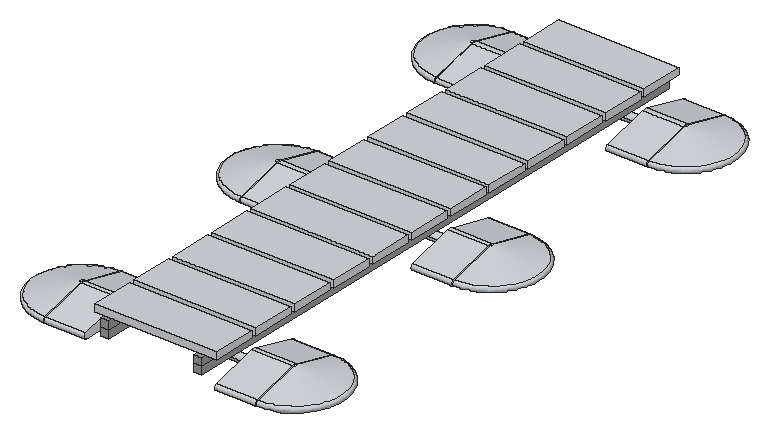
Revit family "Kee_Safety_KWM19_3M_FREE_STANDING_MODULE_75MPH", category Generic Models, host Face, Revit 2024
Family settings
  Host = Face
  Can host rebar = No
  Round Connector Dimension = Use Diameter
  Part Type = Normal
  Cut with Voids When Loaded = No
  Maintain Annotation Orientation = No
  Shared = No
  Room Calculation Point = No
Parameters
  Shipping Weight kg = "128"
  Product Range = "KeeWalk"
  Product Model Number = "WW719ASSY"
  Product Literature = "https://keesafety.co.uk/images/uploads/uk/documents/Kee_Walk_Brochure_1.pdf"
  Product Group = "KeeWalk"
  Product Family = "KeeWalk"
  Width = 1590 mm
  Overall Width = 620 mm
  Overall Length = 2983 mm
  Overall Height = 167 mm
  Material = Aluminum
  Manufacturer Website = "www.keesafety.co.uk"
  Manufacturer Country = "United Kingdom"
  Manufacturer = "Kee Safety"
  Location of Manufacturer = "Cradley Heath"
  Gross Weight kg = "128"
  Finish = "Annodized Aluminium"
  Features = "Modular Rooftop walkway to EN 516"
  Design Country = "United Kingdom"
  Description = "Kee Walk® System provides a safe, anti-slip, level walking surface for means of access to and across roofs. It provides a\r\ndemarcation route which protects the roof membrane from unnecessary foot traffic and potential damage. Pre-assembled\r\nin 3m unit."
  Default Elevation = 1219.2 mm
  Coverage Area = 3000.00 m²
  Colour = "Tread Black"
  CE Approval = yes
  Assembly Code = "KWM19"
  Annually = "Periodic inspections by a competent person are recommended by the manufacturer. In\r\nUK/Europe these are required under Regulation 5 of the Workplace (Health, Safety &\r\nWelfare) Regulations, the Work at Height Regulations and BS EN 365. The frequency will\r\ndepend upon the environment, location and usage but should be at least every 12 months.\r\nWalk and visually inspect the complete installed system in relation to the clients’ general\r\nneeds. Establish if any modifications and/or additional products are required to reflect\r\nany refurbishment requirements or additional plant & equipment which have been installed\r\nand require access.\r\nCheck installation configuration is complete as per the original installation drawing/plan.\r\nEnsure the system has not been modified or tampered with by unauthorised persons.\r\nCheck all Kee Walk are in place as per the original drawing. This is essential for longevity of\r\nthe roof.\r\nCheck all fixings are in place and correctly torqued.\r\nAny galvanised components showing signs of corrosion should be wire brushed thoroughly\r\nand galvanised spray/paint applied as appropriate. If rusted significantly, take digital\r\nphotographs and include these in the inspection report. All component and assembled\r\nparts should be kept clean, using detergent if necessary, by wiping down with a wet cloth\r\nor hosing with clean water, after which they should be wiped down with a dry cloth.\r\nWhere toe-boards are fitted check the brackets that support the toe-board are in place and\r\nsufficiently torqued.\r\nWhere applicable check fixings to walls/structures including cat ladder clamps are in place\r\nand sufficiently torqued.\r\nIf the Kee Walk becomes damaged in any, please arrange for inspection and any necessary\r\nrepair or component replacement.."
  Angle [instance] = 0.00°
Reference planes
  plane 1 "Center (Front/Back)": y = 0
  plane 2: z = 0
  plane 3 "Center (Left/Right)": x = 0
  plane 4: z = 81
  plane 5 "1": z = 75.213
  plane 6 "2": z = 73.792
  plane 7 "3": z = 57.713
  plane 8 "5": z = 41.568
  plane 9 "4": z = 56.945
  plane 10 "6": z = 40.402
Dimensions and locks
  level to plane 4 = 81 mm
  aligned and locked: plane 2 to host face
  aligned and locked: level to host face
  aligned and locked: plane 1 "Center (Front/Back)" to nested 1
Nested families
  nested 1: "KWM19 3M FREE STANDING MODULE 75MPH" at (-17.5, 0, 0), type "KWM19 3M FREE STANDING MODULE 75MPH"
Definition of nested family "KWM19 3M FREE STANDING MODULE 75MPH"
  Parameters (values of type "KWM19 3M FREE STANDING MODULE 75MPH")
    step length = 1040 mm
    part = yes
    full steps pitch = 2004 mm
    Step Material = none
    Step Angle = 0.00°
    Step Brck position = (step length / 2)  # 520 mm
    Railing Material = none
    Overall Length = 3000 mm
    Default Elevation = 1219.2 mm
    Base Material = none
  Reference planes
    plane 1 "Center (Front/Back)": y = 0
    plane 2: z = 0
    plane 3 "Center (Left/Right)": x = -67.5
    plane 4: y = 1500
    plane 5: y = -1500
    plane 6: z = 82.4
    plane 7: x = 552.5
    plane 8: x = -15
    plane 9: z = 42.4
    plane 10: x = 25
    plane 11: x = 242.5
    plane 12: y = -1260
    plane 13: y = 1250
    plane 14: y = -20
    plane 15: y = 20
    plane 16: x = 500
    plane 17: x = 460
    plane 18: y = -504
    plane 19: z = 21.2
    plane 20: x = -92.5
    plane 21: x = 577.5
    plane 22: z = 85
    plane 23: y = 1000
    plane 24: x = -302.5
    plane 25: x = -552.67
    plane 26: x = 1037.67
  Forms (mm)
    Extrusion 1, solid, not visible, detail levels fine
      sketch origin (84, 481.056, 0) x (1, 0, 0) y (0, 1, 0)
        loop
          line (-954, 1018.944) -> (-954, -2042.709) -> (1123.899, -2042.709) -> (1123.899, 1018.944) -> (-954, 1018.944)
      from 0 to -100
    Extrusion 2, solid, material <- "Base Material", detail levels fine
      sketch origin (145, 130, 0) x (1, 0, 0) y (0, 1, 0)
        loop
          line (-160, 1370) -> (-160, -1630) -> (-120, -1630) -> (-120, 1370) -> (-160, 1370)
      from 42.4 to 82.4
    Extrusion 3, solid, material <- "Base Material", detail levels fine
      sketch origin (340, 130, 0) x (-1, 0, 0) y (0, -1, 0)
        loop
          line (-160, -1370) -> (-120, -1370) -> (-120, 1630) -> (-160, 1630) -> (-160, -1370)
      from 42.4 to 82.4
    Extrusion 4, solid, detail levels fine
      sketch origin (-67.5, 0, 70) x (0, 1, 0) y (0, 0, 1)
        loop
          line (1500, 52.4) -> (1500, 87.4) -> (1275, 87.4) -> (1275, 52.4) -> (1500, 52.4)
      from 0 to 620
    Extrusion 5, solid, material <- "Railing Material", detail levels fine
      sketch origin (-70, -55.625, 88.905) x (0, 1, 0) y (0, 0, 1)
        loop
          line (1555.625, -6.505) -> (1555.625, 33.495) -> (-1444.375, 33.495) -> (-1444.375, -6.505) -> (1555.625, -6.505)
      from 55 to 95
    Extrusion 6, solid, detail levels medium
      sketch origin (0, 0, 0) x (1, 0, 0) y (0, 0, 1)
        loop
          line (-92.5, 0) -> (577.5, 0) -> (577.5, 42.4) -> (500, 42.4) -> (500, 122.4) -> (552.5, 122.4) -> (552.5, 157.4) -> (-67.5, 157.4) -> (-67.5, 122.4) -> (-15, 122.4) -> (-15, 42.4) -> (-92.5, 42.4) -> (-92.5, 0)
      from -1500 to 1500
    Extrusion 7, solid, detail levels coarse
      sketch origin (0, 0, 0) x (1, 0, 0) y (0, 0, 1)
        loop
          line (-552.67, 0) -> (1037.67, 0) -> (1037.67, 85) -> (552.5, 85) -> (552.5, 157.4) -> (-67.5, 157.4) -> (-67.5, 85) -> (-552.67, 85) -> (-552.67, 0)
      from -1500 to 1510.538
    Extrusion 8, solid, detail levels fine
      sketch origin (-70, 263.081, -74.315) x (0, 1, 0) y (0, 0, 1)
        loop
          circle (986.919, 95.515) r 21.2
        loop
          circle (-263.081, 95.515) r 21.2
        loop
          circle (-1523.081, 95.515) r 21.2
      from -22.5 to 647.5
    Extrusion 9, solid, detail levels fine
      sketch origin (162.5, -2.779, 0) x (0, 1, 0) y (0, 0, 1)
        loop
          arc (1489.027, 0) -> (1502.495, 11.913) -> (1492.314, 26.734) r 13.569
          line (1492.314, 26.734) -> (1265.501, 83.37)
          arc (1265.501, 83.37) -> (1252.418, 84.979) -> (1239.336, 83.37) r 54
          line (1239.336, 83.37) -> (1012.523, 26.734)
          arc (1012.523, 26.734) -> (1002.342, 11.913) -> (1015.81, 0) r 13.569
          line (1015.81, 0) -> (1250, 0) -> (1489.027, 0)
      from -255 to -465
    Revolve 10, solid, detail levels fine
      sketch origin (-302.5, 0, 0) x (0, 1, 0) y (0, 0, 1)
        loop
          arc (1486.609, 0) -> (1500.076, 11.913) -> (1489.896, 26.734) r 13.569
          line (1489.896, 26.734) -> (1263.082, 83.37)
          arc (1263.082, 83.37) -> (1256.59, 84.575) -> (1250, 84.979) r 54
          line (1250, 84.979) -> (1250, 0) -> (1486.609, 0)
        axis (1250, 84.979) -> (1250, 0)
      angle from 0 to 180
    Extrusion 11, solid, detail levels fine
      sketch origin (322.5, -2.779, 0) x (0, 1, 0) y (0, 0, -1)
        loop
          line (1489.027, 0) -> (1250, 0) -> (1015.81, 0)
          arc (1015.81, 0) -> (1002.342, -11.913) -> (1012.523, -26.734) r 13.569
          line (1012.523, -26.734) -> (1239.336, -83.37)
          arc (1239.336, -83.37) -> (1252.418, -84.979) -> (1265.501, -83.37) r 54
          line (1265.501, -83.37) -> (1492.314, -26.734)
          arc (1492.314, -26.734) -> (1502.495, -11.913) -> (1489.027, 0) r 13.569
      from -255 to -465
    Revolve 12, solid, detail levels fine
      sketch origin (787.5, 0, 0) x (0, 1, 0) y (0, 0, -1)
        loop
          line (1486.609, 0) -> (1250, 0) -> (1250, -84.979)
          arc (1250, -84.979) -> (1256.59, -84.575) -> (1263.082, -83.37) r 54
          line (1263.082, -83.37) -> (1489.896, -26.734)
          arc (1489.896, -26.734) -> (1500.076, -11.913) -> (1486.609, 0) r 13.569
        axis (1250, -84.979) -> (1250, 0)
      angle from 0 to 180
    Extrusion 13, solid, detail levels medium
      sketch origin (0, 0, 0) x (1, 0, 0) y (0, 1, 0)
        loop
          line (-92.5, 1500) -> (-552.67, 1500) -> (-552.67, 1000) -> (-92.5, 1000) -> (-92.5, 1500)
        loop
          line (1037.67, 1500) -> (577.5, 1500) -> (577.5, 999.462) -> (1037.67, 999.462) -> (1037.67, 1500)
      from 0 to 85
    Extrusion 14, solid, material <- "Railing Material", detail levels fine
      sketch origin (555, -55.625, 88.905) x (0, 1, 0) y (0, 0, -1)
        loop
          line (1555.625, 6.505) -> (-1444.375, 6.505) -> (-1444.375, -33.495) -> (1555.625, -33.495) -> (1555.625, 6.505)
      from 55 to 95
    Extrusion 15, solid, detail levels medium
      sketch origin (0, -1250, 0) x (1, 0, 0) y (0, 1, 0)
        loop
          line (-92.5, 1500) -> (-552.67, 1500) -> (-552.67, 1000) -> (-92.5, 1000) -> (-92.5, 1500)
        loop
          line (1037.67, 1500) -> (577.5, 1500) -> (577.5, 999.462) -> (1037.67, 999.462) -> (1037.67, 1500)
      from 0 to 85
    Extrusion 16, solid, detail levels fine
      sketch origin (162.5, -1252.779, 0) x (0, 1, 0) y (0, 0, 1)
        loop
          arc (1489.027, 0) -> (1502.495, 11.913) -> (1492.314, 26.734) r 13.569
          line (1492.314, 26.734) -> (1265.501, 83.37)
          arc (1265.501, 83.37) -> (1252.418, 84.979) -> (1239.336, 83.37) r 54
          line (1239.336, 83.37) -> (1012.523, 26.734)
          arc (1012.523, 26.734) -> (1002.342, 11.913) -> (1015.81, 0) r 13.569
          line (1015.81, 0) -> (1250, 0) -> (1489.027, 0)
      from -255 to -465
    Revolve 17, solid, detail levels fine
      sketch origin (-302.5, -1250, 0) x (0, 1, 0) y (0, 0, 1)
        loop
          arc (1486.609, 0) -> (1500.076, 11.913) -> (1489.896, 26.734) r 13.569
          line (1489.896, 26.734) -> (1263.082, 83.37)
          arc (1263.082, 83.37) -> (1256.59, 84.575) -> (1250, 84.979) r 54
          line (1250, 84.979) -> (1250, 0) -> (1486.609, 0)
        axis (1250, 84.979) -> (1250, 0)
      angle from 0 to 180
    Extrusion 18, solid, detail levels fine
      sketch origin (322.5, -1252.779, 0) x (0, 1, 0) y (0, 0, -1)
        loop
          line (1489.027, 0) -> (1250, 0) -> (1015.81, 0)
          arc (1015.81, 0) -> (1002.342, -11.913) -> (1012.523, -26.734) r 13.569
          line (1012.523, -26.734) -> (1239.336, -83.37)
          arc (1239.336, -83.37) -> (1252.418, -84.979) -> (1265.501, -83.37) r 54
          line (1265.501, -83.37) -> (1492.314, -26.734)
          arc (1492.314, -26.734) -> (1502.495, -11.913) -> (1489.027, 0) r 13.569
      from -255 to -465
    Revolve 19, solid, detail levels fine
      sketch origin (787.5, -1250, 0) x (0, 1, 0) y (0, 0, -1)
        loop
          line (1486.609, 0) -> (1250, 0) -> (1250, -84.979)
          arc (1250, -84.979) -> (1256.59, -84.575) -> (1263.082, -83.37) r 54
          line (1263.082, -83.37) -> (1489.896, -26.734)
          arc (1489.896, -26.734) -> (1500.076, -11.913) -> (1486.609, 0) r 13.569
        axis (1250, -84.979) -> (1250, 0)
      angle from 0 to 180
    Extrusion 20, solid, detail levels fine
      sketch origin (-67.5, -250, 70) x (0, 1, 0) y (0, 0, 1)
        loop
          line (1500, 52.4) -> (1500, 87.4) -> (1275, 87.4) -> (1275, 52.4) -> (1500, 52.4)
      from 0 to 625
    Extrusion 21, solid, detail levels medium
      sketch origin (0, -2510, 0) x (1, 0, 0) y (0, 1, 0)
        loop
          line (-92.5, 1500) -> (-552.67, 1500) -> (-552.67, 1000) -> (-92.5, 1000) -> (-92.5, 1500)
        loop
          line (1037.67, 1500) -> (577.5, 1500) -> (577.5, 999.462) -> (1037.67, 999.462) -> (1037.67, 1500)
      from 0 to 85
    Extrusion 22, solid, detail levels fine
      sketch origin (162.5, -2512.779, 0) x (0, 1, 0) y (0, 0, 1)
        loop
          arc (1489.027, 0) -> (1502.495, 11.913) -> (1492.314, 26.734) r 13.569
          line (1492.314, 26.734) -> (1265.501, 83.37)
          arc (1265.501, 83.37) -> (1252.418, 84.979) -> (1239.336, 83.37) r 54
          line (1239.336, 83.37) -> (1012.523, 26.734)
          arc (1012.523, 26.734) -> (1002.342, 11.913) -> (1015.81, 0) r 13.569
          line (1015.81, 0) -> (1250, 0) -> (1489.027, 0)
      from -255 to -465
    Revolve 23, solid, detail levels fine
      sketch origin (-302.5, -2510, 0) x (0, 1, 0) y (0, 0, 1)
        loop
          arc (1486.609, 0) -> (1500.076, 11.913) -> (1489.896, 26.734) r 13.569
          line (1489.896, 26.734) -> (1263.082, 83.37)
          arc (1263.082, 83.37) -> (1256.59, 84.575) -> (1250, 84.979) r 54
          line (1250, 84.979) -> (1250, 0) -> (1486.609, 0)
        axis (1250, 84.979) -> (1250, 0)
      angle from 0 to 180
    Extrusion 24, solid, detail levels fine
      sketch origin (322.5, -2512.779, 0) x (0, 1, 0) y (0, 0, -1)
        loop
          line (1489.027, 0) -> (1250, 0) -> (1015.81, 0)
          arc (1015.81, 0) -> (1002.342, -11.913) -> (1012.523, -26.734) r 13.569
          line (1012.523, -26.734) -> (1239.336, -83.37)
          arc (1239.336, -83.37) -> (1252.418, -84.979) -> (1265.501, -83.37) r 54
          line (1265.501, -83.37) -> (1492.314, -26.734)
          arc (1492.314, -26.734) -> (1502.495, -11.913) -> (1489.027, 0) r 13.569
      from -255 to -465
    Revolve 25, solid, detail levels fine
      sketch origin (787.5, -2510, 0) x (0, 1, 0) y (0, 0, -1)
        loop
          line (1486.609, 0) -> (1250, 0) -> (1250, -84.979)
          arc (1250, -84.979) -> (1256.59, -84.575) -> (1263.082, -83.37) r 54
          line (1263.082, -83.37) -> (1489.896, -26.734)
          arc (1489.896, -26.734) -> (1500.076, -11.913) -> (1486.609, 0) r 13.569
        axis (1250, -84.979) -> (1250, 0)
      angle from 0 to 180
    Extrusion 26, solid, detail levels fine
      sketch origin (-67.5, -500, 70) x (0, 1, 0) y (0, 0, 1)
        loop
          line (1500, 52.4) -> (1500, 87.4) -> (1275, 87.4) -> (1275, 52.4) -> (1500, 52.4)
      from 0 to 625
    Extrusion 27, solid, detail levels fine
      sketch origin (-67.5, -750, 70) x (0, 1, 0) y (0, 0, 1)
        loop
          line (1500, 52.4) -> (1500, 87.4) -> (1275, 87.4) -> (1275, 52.4) -> (1500, 52.4)
      from 0 to 625
    Extrusion 28, solid, detail levels fine
      sketch origin (-67.5, -1000, 70) x (0, 1, 0) y (0, 0, 1)
        loop
          line (1500, 52.4) -> (1500, 87.4) -> (1275, 87.4) -> (1275, 52.4) -> (1500, 52.4)
      from 0 to 625
    Extrusion 29, solid, detail levels fine
      sketch origin (-67.5, -1250, 70) x (0, 1, 0) y (0, 0, 1)
        loop
          line (1500, 52.4) -> (1500, 87.4) -> (1275, 87.4) -> (1275, 52.4) -> (1500, 52.4)
      from 0 to 625
    Extrusion 30, solid, detail levels fine
      sketch origin (-67.5, -1500, 70) x (0, 1, 0) y (0, 0, 1)
        loop
          line (1500, 52.4) -> (1500, 87.4) -> (1275, 87.4) -> (1275, 52.4) -> (1500, 52.4)
      from 0 to 625
    Extrusion 31, solid, detail levels fine
      sketch origin (-67.5, -1750, 70) x (0, 1, 0) y (0, 0, 1)
        loop
          line (1500, 52.4) -> (1500, 87.4) -> (1275, 87.4) -> (1275, 52.4) -> (1500, 52.4)
      from 0 to 625
    Extrusion 32, solid, detail levels fine
      sketch origin (-67.5, -2000, 70) x (0, 1, 0) y (0, 0, 1)
        loop
          line (1500, 52.4) -> (1500, 87.4) -> (1275, 87.4) -> (1275, 52.4) -> (1500, 52.4)
      from 0 to 625
    Extrusion 33, solid, detail levels fine
      sketch origin (-67.5, -2250, 70) x (0, 1, 0) y (0, 0, 1)
        loop
          line (1500, 52.4) -> (1500, 87.4) -> (1275, 87.4) -> (1275, 52.4) -> (1500, 52.4)
      from 0 to 625
    Extrusion 34, solid, detail levels fine
      sketch origin (-67.5, -2500, 70) x (0, 1, 0) y (0, 0, 1)
        loop
          line (1500, 52.4) -> (1500, 87.4) -> (1275, 87.4) -> (1275, 52.4) -> (1500, 52.4)
      from 0 to 625
    Extrusion 35, solid, detail levels fine
      sketch origin (-67.5, -2750, 70) x (0, 1, 0) y (0, 0, 1)
        loop
          line (1500, 52.4) -> (1500, 87.4) -> (1275, 87.4) -> (1275, 52.4) -> (1500, 52.4)
      from 0 to 625
  Dimensions and locks
    plane 6 to level = 82.4 mm
    locked: plane 6 to plane 9 at 40
    locked: plane 10 to plane 8 at 40
    locked: plane 12 to plane 5 at 240
    locked: plane 15 to plane 14 at 40
    locked: plane 17 to plane 16 at 40
    equal spacing: plane 4, plane 1 "Center (Front/Back)", plane 5
    plane 4 to plane 13 = 250 mm
    plane 15 to plane 1 "Center (Front/Back)" = 20 mm
    plane 7 to plane 3 "Center (Left/Right)" = 620 mm
    equal spacing: plane 7, plane 11, plane 3 "Center (Left/Right)"
    equal spacing: plane 17, plane 11, plane 10
    plane 17 to plane 10 = 435 mm
    "full steps pitch": plane 4 to plane 18
    locked: Extrusion 4 sketch curve to Extrusion 4 sketch curve at 35
    locked: Extrusion 4 sketch curve to Extrusion 4 sketch curve at 225
    locked: Extrusion 5 sketch curve to Extrusion 5 sketch curve at 40
    "Overall Length": plane 4 to plane 5
    plane 1 "Center (Front/Back)" to plane 15 = 20 mm
    locked: plane 19 to level at 21.2
    locked: plane 4 to Extrusion 8 sketch curve at 250
    locked: Extrusion 8 sketch curve to Extrusion 1 at 21.2
    equal spacing: plane 21, plane 11, plane 20
    locked: plane 21 to plane 20 at 670
    locked: plane 22 to level at 85
    locked: plane 13 to plane 23 at 250
    locked: plane 20 to plane 24 at 210
    plane 25 to plane 26 = 1590.34 mm
    equal spacing: plane 25, plane 11, plane 26
    locked: Extrusion 14 sketch curve to Extrusion 14 sketch curve at 40
    locked: Extrusion 20 sketch curve to Extrusion 20 sketch curve at 35
    locked: Extrusion 20 sketch curve to Extrusion 20 sketch curve at 225
    locked: Extrusion 26 sketch curve to Extrusion 26 sketch curve at 35
    locked: Extrusion 26 sketch curve to Extrusion 26 sketch curve at 225
    equal spacing: group 1, group 2, group 3, group 4, group 5, group 6, group 7, group 8, group 9, group 10, group 11  (x2)
    equal spacing: group 11, group 10, group 9, group 8, group 7, group 6, group 5, group 4, group 3, group 2, group 1
    locked: Extrusion 27 sketch curve to Extrusion 27 sketch curve at 35
    locked: Extrusion 27 sketch curve to Extrusion 27 sketch curve at 225
    locked: Extrusion 28 sketch curve to Extrusion 28 sketch curve at 35
    locked: Extrusion 28 sketch curve to Extrusion 28 sketch curve at 225
    locked: Extrusion 29 sketch curve to Extrusion 29 sketch curve at 35
    locked: Extrusion 29 sketch curve to Extrusion 29 sketch curve at 225
    locked: Extrusion 30 sketch curve to Extrusion 30 sketch curve at 35
    locked: Extrusion 30 sketch curve to Extrusion 30 sketch curve at 225
    locked: Extrusion 31 sketch curve to Extrusion 31 sketch curve at 35
    locked: Extrusion 31 sketch curve to Extrusion 31 sketch curve at 225
    locked: Extrusion 32 sketch curve to Extrusion 32 sketch curve at 35
    locked: Extrusion 32 sketch curve to Extrusion 32 sketch curve at 225
    locked: Extrusion 33 sketch curve to Extrusion 33 sketch curve at 35
    locked: Extrusion 33 sketch curve to Extrusion 33 sketch curve at 225
    locked: Extrusion 34 sketch curve to Extrusion 34 sketch curve at 35
    locked: Extrusion 34 sketch curve to Extrusion 34 sketch curve at 225
    locked: Extrusion 35 sketch curve to Extrusion 35 sketch curve at 35
    locked: Extrusion 35 sketch curve to Extrusion 35 sketch curve at 225
    aligned and locked: plane 2 to Extrusion 1
    aligned and locked: level to Extrusion 1
    aligned and locked: plane 6 to Extrusion 2
    aligned and locked: Extrusion 2 to plane 9
    aligned and locked: Extrusion 2 to plane 8
    aligned and locked: plane 10 to Extrusion 2
    aligned and locked: Extrusion 2 to plane 4
    aligned and locked: plane 5 to Extrusion 2
    aligned and locked: plane 7 to Extrusion 4
    aligned and locked: Extrusion 4 to plane 3 "Center (Left/Right)"
    aligned and locked: Extrusion 6 sketch curve to level
    aligned and locked: plane 9 to Extrusion 6 sketch curve  (x2)
    aligned and locked: Extrusion 6 sketch curve to plane 8
    aligned and locked: Extrusion 7 sketch curve to level
    aligned and locked: plane 7 to Extrusion 7 sketch curve
    aligned and locked: Extrusion 7 sketch curve to plane 3 "Center (Left/Right)"
    aligned and locked: Extrusion 6 to plane 4
    aligned and locked: plane 5 to Extrusion 6
    aligned and locked: Extrusion 5 sketch curve to plane 6
    aligned and locked: Extrusion 5 sketch curve to plane 4
    aligned and locked: plane 5 to Extrusion 5 sketch curve
    aligned and locked: plane 4 to Extrusion 4 sketch curve
    aligned and locked: Extrusion 4 to Extrusion 5
    aligned and locked: Extrusion 5 to Extrusion 2
    aligned and locked: Extrusion 2 to Extrusion 5
    aligned and locked: Extrusion 8 to plane 20
    aligned and locked: plane 21 to Extrusion 8
    aligned and locked: Extrusion 9 to plane 24
    aligned and locked: Extrusion 9 to Extrusion 8
    aligned and locked: plane 22 to Extrusion 7  (x2)
    aligned and locked: plane 25 to Extrusion 7
    aligned and locked: plane 26 to Extrusion 7
    aligned and locked: Extrusion 6 to Extrusion 8  (x2)
    aligned and locked: Extrusion 6 to Extrusion 13 sketch curve
    aligned and locked: Extrusion 13 sketch curve to Extrusion 6
    aligned and locked: plane 23 to Extrusion 13 sketch curve
    aligned and locked: plane 25 to Extrusion 13 sketch curve
    aligned and locked: Extrusion 13 sketch curve to Extrusion 7
    aligned and locked: Extrusion 7 to Extrusion 13 sketch curve
    aligned and locked: Extrusion 13 sketch curve to Extrusion 11
    aligned and locked: Extrusion 13 to Extrusion 7
    aligned and locked: plane 6 to Extrusion 3
    aligned and locked: plane 17 to Extrusion 3
    aligned and locked: Extrusion 3 to plane 16
    aligned and locked: Extrusion 14 to Extrusion 4
    aligned and locked: Extrusion 14 to plane 6
    aligned and locked: Extrusion 14 to plane 16
    aligned and locked: Extrusion 6 sketch curve to Extrusion 4  (x2)
    aligned and locked: Extrusion 6 sketch curve to plane 7
    aligned and locked: plane 3 "Center (Left/Right)" to Extrusion 6 sketch curve
    aligned and locked: Extrusion 6 sketch curve to Extrusion 6 sketch curve
    aligned and locked: Extrusion 7 to Extrusion 21
  Automatic sketch dimensions
    Extrusion 1 sketch curve to Extrusion 1 sketch curve = 2077.899 mm
    Extrusion 1 sketch curve to Extrusion 1 sketch curve = 3061.653 mm
    plane 5 to Extrusion 2 sketch curve = 0 mm
    Extrusion 2 sketch curve to plane 8 = 0 mm
    Extrusion 2 sketch curve to plane 10 = 0 mm
    plane 4 to Extrusion 2 sketch curve = 0 mm
    plane 5 to Extrusion 3 sketch curve = 0 mm
    Extrusion 3 sketch curve to plane 16 = 0 mm
    Extrusion 3 sketch curve to plane 17 = 0 mm
    plane 4 to Extrusion 3 sketch curve = 0 mm
    plane 22 to Extrusion 4 sketch curve = 37.4 mm
    Extrusion 6 sketch curve to plane 20 = 0 mm
    plane 16 to Extrusion 6 sketch curve = 0 mm
    Extrusion 6 sketch curve to plane 21 = 0 mm
    plane 25 to Extrusion 7 sketch curve = 0 mm
    Extrusion 7 sketch curve to plane 26 = 0 mm
    Extrusion 7 sketch curve to plane 22 = 0 mm  (x2)
    Extrusion 7 sketch curve to Extrusion 7 sketch curve = 72.4 mm
    Extrusion 8 sketch curve to plane 12 = 0 mm
    Extrusion 8 sketch curve to plane 1 "Center (Front/Back)" = 0 mm
    Extrusion 8 sketch curve to plane 19 = 0 mm  (x2)
    Extrusion 9 sketch curve to level = 0 mm
    plane 19 to Extrusion 9 sketch curve = 5.534 mm  (x2)
    Extrusion 9 sketch curve to plane 23 = 9.744 mm
    Extrusion 9 sketch curve to plane 19 = 7.631 mm
    plane 6 to Extrusion 9 sketch curve = 0.97 mm  (x2)
    Extrusion 9 sketch curve to plane 13 = 13.443 mm
    Extrusion 9 sketch curve to plane 13 = 2.779 mm
    Extrusion 9 sketch curve to plane 13 = 0.36 mm
    plane 4 to Extrusion 9 sketch curve = 13.752 mm
    plane 4 to Extrusion 9 sketch curve = 10.464 mm
    plane 19 to Extrusion 9 sketch curve = 9.779 mm
    Revolve 10 sketch curve to plane 13 = 0 mm  (x2)
    Revolve 10 sketch curve to level = 0 mm
    plane 6 to Revolve 10 sketch curve = 0.97 mm
    plane 13 to Revolve 10 sketch curve = 13.082 mm
    plane 4 to Revolve 10 sketch curve = 13.391 mm
    plane 19 to Revolve 10 sketch curve = 5.534 mm
    plane 4 to Revolve 10 sketch curve = 10.104 mm
    plane 19 to Revolve 10 sketch curve = 9.779 mm
    Revolve 10 sketch curve to Revolve 10 sketch curve = 204.931 mm
    plane 22 to Revolve 10 sketch curve = 200.069 mm
    Extrusion 11 sketch curve to level = 0 mm
    plane 19 to Extrusion 11 sketch curve = 5.534 mm  (x2)
    Extrusion 11 sketch curve to plane 23 = 9.744 mm
    Extrusion 11 sketch curve to plane 19 = 7.631 mm
    plane 6 to Extrusion 11 sketch curve = 0.97 mm  (x2)
    Extrusion 11 sketch curve to plane 13 = 13.443 mm
    Extrusion 11 sketch curve to plane 13 = 2.779 mm
    Extrusion 11 sketch curve to plane 13 = 0.36 mm
    plane 4 to Extrusion 11 sketch curve = 13.752 mm
    plane 4 to Extrusion 11 sketch curve = 10.464 mm
    plane 19 to Extrusion 11 sketch curve = 9.779 mm
    Revolve 12 sketch curve to plane 13 = 0 mm  (x2)
    Revolve 12 sketch curve to level = 0 mm
    plane 6 to Revolve 12 sketch curve = 0.97 mm
    plane 13 to Revolve 12 sketch curve = 13.082 mm
    plane 4 to Revolve 12 sketch curve = 13.391 mm
    plane 19 to Revolve 12 sketch curve = 5.534 mm
    plane 4 to Revolve 12 sketch curve = 10.104 mm
    Revolve 12 sketch curve to plane 22 = 0.021 mm
    plane 22 to Revolve 12 sketch curve = 200.069 mm
    Revolve 12 sketch curve to Revolve 12 sketch curve = 204.931 mm
    plane 23 to Extrusion 13 sketch curve = 0.538 mm
    Extrusion 14 sketch curve to plane 5 = 0 mm
    Extrusion 14 sketch curve to plane 4 = 0 mm
    Extrusion 14 sketch curve to plane 6 = 0 mm
    Extrusion 15 sketch curve to plane 25 = 0 mm
    Extrusion 15 sketch curve to plane 20 = 0 mm
    Extrusion 15 sketch curve to plane 21 = 0 mm
    Extrusion 15 sketch curve to plane 26 = 0 mm
    Extrusion 15 sketch curve to plane 14 = 230.538 mm
    Extrusion 15 sketch curve to plane 14 = 230 mm
    plane 15 to Extrusion 15 sketch curve = 230 mm  (x2)
    Extrusion 16 sketch curve to level = 0 mm
    plane 19 to Extrusion 16 sketch curve = 5.534 mm  (x2)
    Extrusion 16 sketch curve to plane 14 = 220.256 mm
    Extrusion 16 sketch curve to plane 19 = 7.631 mm  (x2)
    plane 6 to Extrusion 16 sketch curve = 0.97 mm  (x2)
    plane 14 to Extrusion 16 sketch curve = 6.557 mm
    plane 1 "Center (Front/Back)" to Extrusion 16 sketch curve = 2.779 mm
    plane 1 "Center (Front/Back)" to Extrusion 16 sketch curve = 0.36 mm
    plane 15 to Extrusion 16 sketch curve = 216.248 mm
    plane 19 to Extrusion 16 sketch curve = 9.779 mm
    Revolve 17 sketch curve to plane 1 "Center (Front/Back)" = 0 mm  (x2)
    Revolve 17 sketch curve to level = 0 mm
    plane 6 to Revolve 17 sketch curve = 0.97 mm
    Revolve 17 sketch curve to plane 15 = 6.918 mm
    Revolve 17 sketch curve to plane 19 = 7.631 mm
    plane 15 to Revolve 17 sketch curve = 216.609 mm
    plane 19 to Revolve 17 sketch curve = 5.534 mm
    plane 19 to Revolve 17 sketch curve = 9.779 mm
    Revolve 17 sketch curve to Revolve 17 sketch curve = 204.931 mm
    plane 22 to Revolve 17 sketch curve = 200.069 mm
    Extrusion 18 sketch curve to level = 0 mm
    plane 19 to Extrusion 18 sketch curve = 5.534 mm  (x2)
    Extrusion 18 sketch curve to plane 14 = 220.256 mm
    Extrusion 18 sketch curve to plane 19 = 7.631 mm  (x2)
    plane 6 to Extrusion 18 sketch curve = 0.97 mm  (x2)
    plane 14 to Extrusion 18 sketch curve = 6.557 mm
    plane 1 "Center (Front/Back)" to Extrusion 18 sketch curve = 2.779 mm
    plane 1 "Center (Front/Back)" to Extrusion 18 sketch curve = 0.36 mm
    plane 15 to Extrusion 18 sketch curve = 216.248 mm
    plane 19 to Extrusion 18 sketch curve = 9.779 mm
    Revolve 19 sketch curve to plane 1 "Center (Front/Back)" = 0 mm  (x2)
    Revolve 19 sketch curve to level = 0 mm
    plane 6 to Revolve 19 sketch curve = 0.97 mm
    Revolve 19 sketch curve to plane 15 = 6.918 mm
    Revolve 19 sketch curve to plane 19 = 7.631 mm
    plane 15 to Revolve 19 sketch curve = 216.609 mm
    plane 19 to Revolve 19 sketch curve = 5.534 mm
    Revolve 19 sketch curve to plane 22 = 0.021 mm
    plane 22 to Revolve 19 sketch curve = 200.069 mm
    Revolve 19 sketch curve to Revolve 19 sketch curve = 204.931 mm
    Extrusion 21 sketch curve to plane 25 = 0 mm
    Extrusion 21 sketch curve to plane 20 = 0 mm
    Extrusion 21 sketch curve to plane 21 = 0 mm
    Extrusion 21 sketch curve to plane 26 = 0 mm
    plane 5 to Extrusion 21 sketch curve = 10.538 mm
    plane 5 to Extrusion 21 sketch curve = 10 mm
    Extrusion 21 sketch curve to plane 12 = 250 mm  (x2)
    Extrusion 22 sketch curve to level = 0 mm
    plane 5 to Extrusion 22 sketch curve = 0.256 mm
    Extrusion 22 sketch curve to plane 5 = 3.031 mm
    plane 6 to Extrusion 22 sketch curve = 0.97 mm  (x2)
    plane 12 to Extrusion 22 sketch curve = 13.443 mm
    plane 12 to Extrusion 22 sketch curve = 2.779 mm
    plane 12 to Extrusion 22 sketch curve = 0.36 mm
    Extrusion 22 sketch curve to plane 19 = 7.631 mm  (x2)
    Extrusion 22 sketch curve to Extrusion 22 sketch curve = 223.526 mm
    plane 19 to Extrusion 22 sketch curve = 5.534 mm
    plane 19 to Extrusion 22 sketch curve = 9.779 mm
    Revolve 23 sketch curve to plane 12 = 0 mm  (x2)
    Revolve 23 sketch curve to level = 0 mm
    plane 6 to Revolve 23 sketch curve = 0.97 mm
    Revolve 23 sketch curve to plane 12 = 13.082 mm
    Revolve 23 sketch curve to plane 19 = 7.631 mm
    Revolve 23 sketch curve to Revolve 23 sketch curve = 223.526 mm
    plane 19 to Revolve 23 sketch curve = 5.534 mm
    plane 19 to Revolve 23 sketch curve = 9.779 mm
    Revolve 23 sketch curve to level = 204.931 mm
    plane 22 to Revolve 23 sketch curve = 200.069 mm
    Extrusion 24 sketch curve to level = 0 mm
    plane 5 to Extrusion 24 sketch curve = 0.256 mm
    Extrusion 24 sketch curve to plane 5 = 3.031 mm
    plane 6 to Extrusion 24 sketch curve = 0.97 mm  (x2)
    plane 12 to Extrusion 24 sketch curve = 13.443 mm
    plane 12 to Extrusion 24 sketch curve = 2.779 mm
    plane 12 to Extrusion 24 sketch curve = 0.36 mm
    Extrusion 24 sketch curve to plane 19 = 7.631 mm
    Extrusion 24 sketch curve to Extrusion 24 sketch curve = 223.526 mm
    plane 19 to Extrusion 24 sketch curve = 5.534 mm  (x2)
    plane 19 to Extrusion 24 sketch curve = 9.779 mm
    Revolve 25 sketch curve to plane 12 = 0 mm  (x2)
    Revolve 25 sketch curve to level = 0 mm
    plane 6 to Revolve 25 sketch curve = 0.97 mm
    Revolve 25 sketch curve to plane 12 = 13.082 mm
    Revolve 25 sketch curve to plane 19 = 7.631 mm
    Revolve 25 sketch curve to Revolve 25 sketch curve = 223.526 mm
    plane 19 to Revolve 25 sketch curve = 5.534 mm
    Revolve 25 sketch curve to plane 22 = 0.021 mm
    plane 22 to Revolve 25 sketch curve = 200.069 mm
    Revolve 25 sketch curve to level = 204.931 mm
    radius of Extrusion 8 sketch curve = 21.2 mm  (x3)
